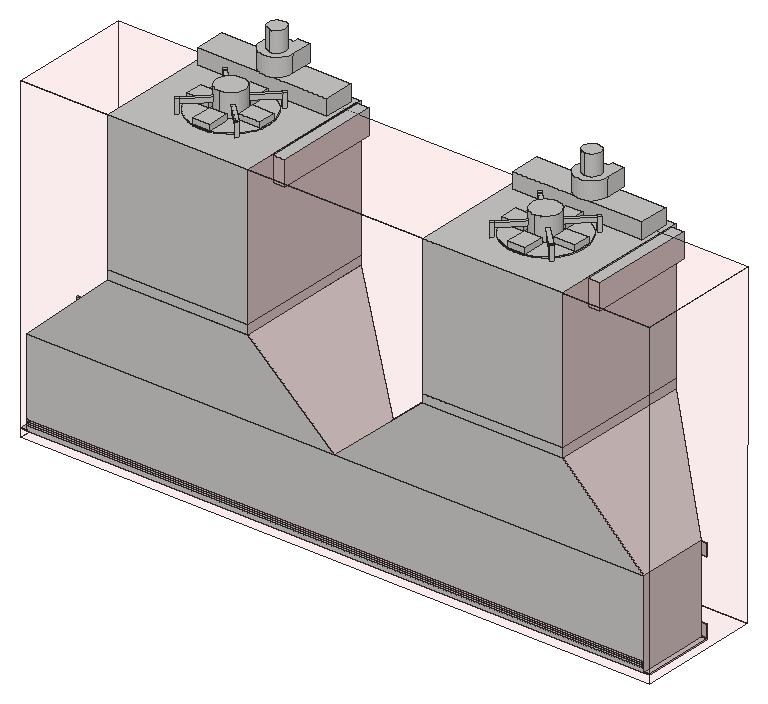
Revit family "Air-Curtain_Climate-Control_PoweredAire_TIG-2Heater", category Mechanical Equipment, host Face, Revit 2016
Family settings
  Host = Face
  Part Type = Normal
  Round Connector Dimension = Use Diameter
  OmniClass Number = 23.75.35.17.21
  OmniClass Title = Air Curtains
  Cut with Voids When Loaded = No
  Shared = No
  Room Calculation Point = No
Parameters (values of type "144'' Nozzle")
  upperrotation [instance] = 0.00°
  lowerrotation [instance] = 0.00°
  locateupperpipe [instance] = 0' - 0"
  locatelowerpipe [instance] = 0' - 0"
  Warranty Duration (Years) = 0
  Unit Width Notes = "Other Widths available."  # constant formula
  Unit Width = 12' - 3 7/32"
  Unit Weight = 1000
  Unit Height = 1' - 4 3/4"
  Unit Depth = 1' - 8 1/4"
  URL = "http://www.poweredaire.com/"
  Test Data = ""
  Standards Conformance = "ETL  ;  Made in USA"
  Specification = "http://www.arcat.com/sdspecs/htm04/23_34_33pai.htm"
  SpecWizard = ""
  Sound Pressure = ">63 dBA"
  Sales Information = "http://www.poweredaire.com/contact_us"
  Revision = "R1_2016-08"
  Projection from Host [instance] = 0' - 2"
  Product Properties = ""
  Product Data = "http://www.arcat.com/arcatcos/cos47/arc47623.html"
  Power Rating = 0 W
  Piping_Water Flow [instance] = 0 GPM
  Piping_Operating Pressure [instance] = 0.00 psi
  Piping_Exit Temperature [instance] = 0 °F
  Piping_Entry Temperature [instance] = 0 °F
  Pipe OD [instance] = 5/8"
  Overall Depth = 6' - 0 3/4"
  Nozzle Width = if(1 = 1, Unit Width - 0' 3", 0' 0")  # 12' - 0 7/32"
  Mounting Width = if(1 = 1, Unit Width - 0' 1 1/2", 0' 0")  # 12' - 1 23/32"
  Mounting Height [instance] = 3' - 6"
  Motor RPM = 1630
  Motor HP = 0.75
  Motor Count = 4
  Model = "TIG-4-144"
  Max Height = 12' - 0"
  Manufacturer Website = "http://www.poweredaire.com/"
  Manufacturer Phone - Toll Free = "888-321-2473"
  Manufacturer Phone = "724-588-3305"
  Manufacturer Fax = "724-588-3371"
  Manufacturer Address = "109 Mortensen Rd.  Greenville, PA 16125"
  Manufacturer = "Powered Aire, Inc"
  Maintenance Schedule (Months) = 0
  Keynote = "23 34 33"
  Installation-Fabrication = ""
  Installation Phase = ""
  Include Clearance [instance] = yes
  Heating Element Load = 0 W
  Heater Weight = 0
  Heater Hanging Width = 2' - 6 5/8"
  Heater Finish [instance] = Metal - Steel - PoweredAire - Stainless 304
  HVAC_Temperature Rise = 36 °F
  HVAC_Primary CFM = 0 CFM
  HVAC_Outlet Volume = 10200 CFM
  HVAC_Outlet Velocity Uniformity = 0.95
  HVAC_Outlet Velocity = 3700 FPM
  HVAC_Exit Temperature [instance] = 0 °F
  HVAC_BTU Output = 400000.0 Btu/h
  HVAC_BTU Input = 250000.0 Btu/h
  Green Building-LEED = "http://www.arcat.com/green/clients/leed_data_47623.html"
  Gas Connection Diameter [instance] = 0"
  Frame Finish [instance] = Metal - Steel - PoweredAire - Stainless 304
  Expected Lifespan (Years) = 0
  Exhaust Connection Diameter = 0' - 5"
  Electrical_Wattage [instance] = Power Rating + Heating Element Load  # 0 W
  Electrical_Voltage [instance] = 0 V
  Electrical_Phase [instance] = 1
  Electrical_Frequency [instance] = 0 Hz
  Electrical_Amperage [instance] = 0 A
  Drawn By = "Sumex Design, Inc. / Robert S. Weygant, CSI, CDT, SCIP"
  Description = "Powered Aire Indirect Gas Heated Climate Control Air Curtain - TIG-4-144 as Specified"
  Default Elevation = 0' - 0"  # constant formula
  Copyright = "©Arcat Inc."
  Construction Details = "http://www.arcat.com/details/powair/prod3336.html"
  Clearance_Top [instance] = 1' - 0"
  Clearance_Side B [instance] = 0' - 0"
  Clearance_Side A [instance] = 0' - 0"
  Clearance_Intake [instance] = 0' - 0"
  Clearance_Bottom [instance] = 0' - 0"
  Clearance Material [instance] = ARCAT Clearance
  Building Codes = ""
  Available Options [instance] = "as Specified"
  Assembly Code = "D3090400"
Types (3): name | Unit Width | Unit Weight | Nozzle Width | Mounting Width | Motor Count | Model | HVAC_Temperature Rise | HVAC_Outlet Volume | HVAC_Outlet Velocity Uniformity | HVAC_Outlet Velocity | HVAC_BTU Output | HVAC_BTU Input | Description
  144'' Nozzle | 12' - 3 7/32" | 1000 | 12' - 0 7/32" | 12' - 1 23/32" | 4 | "TIG-4-144" | 36 °F | 10200 CFM | 0.95 | 3700 FPM | 400000.0 Btu/h | 250000.0 Btu/h | "Powered Aire Indirect Gas Heated Climate Control Air Curtain - TIG-4-144 as Specified"
  132'' Nozzle | 11' - 3 5/32" | 830 | 11' - 0 5/32" | 11' - 1 21/32" | 3 | "TIG-3-132" | 39 °F | 7600 CFM | 0.94 | 2800 FPM | 320000.0 Btu/h | 200000.0 Btu/h | "Powered Aire Indirect Gas Heated Climate Control Air Curtain - TIG-3-132 as Specified"
  120'' Nozzle | 10' - 3 5/32" | 680 | 10' - 0 5/32" | 10' - 1 21/32" | 3 | "TIG-3-120" | 39 °F | 7600 CFM | 0.95 | 3200 FPM | 320000.0 Btu/h | 200000.0 Btu/h | "Powered Aire Indirect Gas Heated Climate Control Air Curtain - TIG-3-120 as Specified"
Reference planes (in)
  plane 1 "Center (Elevation)": y = 0.13818
  plane 2: z = 0
  plane 3 "Center (Left/Right)": x = 0
  plane 4 "Top": y = 8.51318
  plane 5: y = -8.23682
  plane 6: x = -73.60937
  plane 7: x = 73.60938
  plane 8 "Front": z = 22.25
  plane 9 "FF": y = -41.86182
  plane 10: z = 2
  plane 11: x = 72.10937
  plane 12: x = -72.10937
  plane 13: y = 20.51318
  plane 14: y = -8.23682
  plane 15: x = -73.60937
  plane 16: x = 73.60938
  plane 17: z = 74.75
  plane 18: x = 72.04688
  plane 19: x = -72.04687
  plane 20: x = 72.10937
  plane 21: x = 72.10937
  plane 22: y = 6.01318
  plane 23: y = -5.73682
  plane 24: z = 74.75
  plane 25: z = 42.25
  plane 26: z = 40.25
  plane 27: x = -52.11719
  plane 28: x = -21.49219
  plane 29: x = -53.17969
  plane 30: x = -20.42969
  plane 31: x = 21.49219
  plane 32: x = 52.11719
  plane 33: x = 20.42969
  plane 34: x = 53.17969
  plane 35: x = -36.80469
  plane 36: x = 36.80469
Forms (in)
  Extrusion 1, solid, material "Metal - Steel - PoweredAire - Stainless 304" <- "Frame Finish"
    sketch origin (0, 0, 0) x (0, 1, 0) y (0, 0, 1)
      loop
        line (-8.23682, 2) -> (8.51318, 2) -> (8.51318, 22.25) -> (-8.23682, 22.25) -> (-8.23682, 2)
    from -72.10937 to 72.10937
  Extrusion 2, solid, material "ARCAT Clearance" <- "Clearance Material", visible <- "Include Clearance"
    sketch origin (0, 0, 0) x (0, 1, 0) y (0, 0, 1)
      loop
        line (-8.23682, 74.75) -> (-8.23682, 0) -> (20.51318, 0) -> (20.51318, 74.75) -> (-8.23682, 74.75)
    from -73.60938 to 73.60937
  Extrusion 3, solid, material "Metal - Steel - PoweredAire - Stainless 304" <- "Frame Finish"
    sketch origin (-15.17702, -180, 2) x (-1, 0, 0) y (0, -1, 0)
      loop
        line (-87.2864, -188.51318) -> (-87.2864, -171.76318) -> (-88.7864, -171.76318) -> (-88.7864, -188.51318) -> (-87.2864, -188.51318)
      loop
        line (56.93235, -188.51318) -> (58.43235, -188.51318) -> (58.43235, -171.76318) -> (56.93235, -171.76318) -> (56.93235, -188.51318)
    from 0 to 0.125
  Extrusion 4, solid, material "Metal - Steel - PoweredAire - Stainless 304" <- "Frame Finish"
    sketch origin (-11.83813, 8.51318, 48) x (-1, 0, 0) y (0, 0, 1)
      loop
        line (-83.9475, -45.5) -> (-83.9475, -42.75) -> (-85.4475, -42.75) -> (-85.4475, -45.5) -> (-83.9475, -45.5)
      loop
        line (-83.9475, -28.5) -> (-83.9475, -25.75) -> (-85.4475, -25.75) -> (-85.4475, -28.5) -> (-83.9475, -28.5)
      loop
        line (60.27125, -45.5) -> (61.77125, -45.5) -> (61.77125, -42.75) -> (60.27125, -42.75) -> (60.27125, -45.5)
      loop
        line (60.27125, -28.5) -> (61.77125, -28.5) -> (61.77125, -25.75) -> (60.27125, -25.75) -> (60.27125, -28.5)
    from 0 to -0.125
  Extrusion 5, void
    sketch origin (0, 0, 0) x (0, 1, 0) y (0, 0, 1)
      loop
        line (-8.23682, 3) -> (-7.23682, 3) -> (-7.23682, 4.5) -> (-8.23682, 4.5) -> (-8.23682, 3.82425) -> (-7.38364, 3.82425) -> (-7.38364, 3.57425) -> (-8.23682, 3.57425) -> (-8.23682, 3)
    from -72.04687 to 72.04687
  Blend 6, solid, material "Metal - Steel - PoweredAire - Stainless 304" <- "Frame Finish"
    base sketch origin (-15.17702, -180, 22.25) x (-1, 0, 0) y (0, -1, 0)
      loop
        line (56.93235, -188.51318) -> (56.93235, -171.76318) -> (-15.17702, -171.76318) -> (-15.17702, -188.51318) -> (56.93235, -188.51318)
    top sketch origin (-15.17702, -180, 22.25) x (-1, 0, 0) y (0, -1, 0)
      loop
        line (38.00267, -171.76318) -> (5.25267, -171.76318) -> (5.25267, -204.76318) -> (38.00267, -204.76318) -> (38.00267, -171.76318)
    from 0 to 18
  Blend 7, solid, material "Metal - Steel - PoweredAire - Stainless 304" <- "Frame Finish"
    base sketch origin (15.17702, -180, 22.25) x (1, 0, 0) y (0, 1, 0)
      loop
        line (56.93235, 188.51318) -> (-15.17702, 188.51318) -> (-15.17702, 171.76318) -> (56.93235, 171.76318) -> (56.93235, 188.51318)
    top sketch origin (15.17702, -180, 22.25) x (1, 0, 0) y (0, 1, 0)
      loop
        line (38.00267, 171.76318) -> (38.00267, 204.76318) -> (5.25267, 204.76318) -> (5.25267, 171.76318) -> (38.00267, 171.76318)
    from 0 to 18
Cuts and joins
  Extrusion 5 cuts Extrusion 1
Dimensions and locks (in)
  equal spacing: plane 4 "Top", plane 1 "Center (Elevation)", plane 5
  "Unit Height": plane 4 "Top" to plane 5
  "Unit Width": plane 6 to plane 7
  "Mounting Height": plane 1 "Center (Elevation)" to plane 9 "FF"
  "Projection from Host": plane 10 to level
  "Unit Depth": plane 8 "Front" to plane 10
  locked: plane 6 to plane 12 at 1.5
  locked: plane 11 to plane 7 at 1.5
  "Clearance_Side A": plane 7 to plane 16
  "Clearance_Side B": plane 15 to plane 6
  "Clearance_Top": plane 13 to plane 4 "Top"
  "Clearance_Bottom": plane 5 to plane 14
  "Clearance_Intake": plane 17 to plane 24
  Extrusion 5 sketch curve to Extrusion 5 sketch curve to Extrusion 5 sketch curve to Extrusion 5 sketch curve to plane 10 = 0' - 0.67575" locked, 0' - 0 1/4" locked, 0' - 0.57425" locked, 0' - 1" locked
  plane 5 to Extrusion 5 sketch curve to Extrusion 5 sketch curve = 0' - 0.85319" locked, 0' - 0.14681" locked
  locked: plane 19 to plane 12 at 0.0625
  locked: plane 11 to plane 18 at 0.0625
  "locateupperpipe": plane 20 to plane 11
  "locatelowerpipe": plane 21 to plane 11
  locked: plane 4 "Top" to plane 22 at 2.5
  locked: plane 23 to plane 5 at 2.5
  "Overall Depth": plane 24 to plane 10
  locked: plane 25 to plane 26 at 2
  locked: plane 24 to plane 25 at 32.5
  locked: Blend 6 sketch curve to plane 5 at 33
  Extrusion 4 sketch curve to Extrusion 4 sketch curve to plane 10 = 0' - 2 3/4" locked, 0' - 0 1/2" locked  (x2)
  plane 8 "Front" to Extrusion 4 sketch curve to Extrusion 4 sketch curve = 0' - 0" locked, 0' - 2 3/4" locked  (x2)
  locked: plane 28 to plane 30 at 1.0625
  locked: plane 29 to plane 27 at 1.0625
  locked: plane 32 to plane 34 at 1.0625
  locked: plane 33 to plane 31 at 1.0625
  equal spacing: plane 6, plane 35, plane 3 "Center (Left/Right)", plane 36, plane 7
  equal spacing: plane 27, plane 35, plane 28
  "Heater Hanging Width": plane 27 to plane 28
  equal spacing: plane 31, plane 36, plane 32
  "Heater Hanging Width": plane 31 to plane 32
  locked: Blend 7 sketch curve to plane 5 at 33
  aligned and locked: plane 2 to host face
  aligned and locked: level to host face
  aligned and locked: Extrusion 2 sketch curve to plane 17
  aligned and locked: plane 14 to Extrusion 2 sketch curve
  aligned and locked: level to Extrusion 2 sketch curve
  aligned and locked: Extrusion 2 sketch curve to plane 13
  aligned and locked: plane 16 to Extrusion 2
  aligned and locked: Extrusion 2 to plane 15
  aligned and locked: plane 11 to Extrusion 1
  aligned and locked: Extrusion 1 to plane 12
  aligned and locked: Extrusion 1 sketch curve to plane 8 "Front"
  aligned and locked: plane 24 to nested 1
  aligned and locked: plane 5 to Blend 6 sketch curve
  aligned and locked: plane 12 to Blend 6 sketch curve
  aligned and locked: Blend 6 sketch curve to plane 4 "Top"
  aligned and locked: Blend 6 sketch curve to plane 5
  aligned and locked: plane 26 to Blend 6
  aligned and locked: plane 35 to nested 1
  aligned and locked: plane 36 to nested 2
  aligned and locked: plane 24 to nested 2
  aligned and locked: Blend 6 sketch curve to plane 3 "Center (Left/Right)"
  aligned and locked: Blend 6 sketch curve to plane 29
  aligned and locked: plane 30 to Blend 6 sketch curve
  aligned and locked: Blend 7 sketch curve to plane 5  (x2)
  aligned and locked: Blend 7 sketch curve to plane 3 "Center (Left/Right)"
  aligned and locked: plane 11 to Blend 7 sketch curve
  aligned and locked: Blend 7 sketch curve to plane 4 "Top"
  aligned and locked: plane 33 to Blend 7 sketch curve
  aligned and locked: Blend 7 sketch curve to plane 34
  aligned and locked: plane 18 to cut or joined group of Extrusion 1, Extrusion 5
  aligned and locked: cut or joined group of Extrusion 1, Extrusion 5 to plane 19
Automatic sketch dimensions
  host sketch curve to host sketch curve = 8' - 0"  (x2)
  Extrusion 1 sketch curve to plane 5 = 0' - 0"
  Extrusion 1 sketch curve to plane 4 "Top" = 0' - 0"
  Extrusion 1 sketch curve to plane 10 = 0' - 0"
  plane 4 "Top" to Extrusion 3 sketch curve = 0' - 0"
  Extrusion 3 sketch curve to plane 7 = 0' - 0"
  plane 5 to Extrusion 3 sketch curve = 0' - 0"
  Extrusion 3 sketch curve to plane 11 = 0' - 0"
  Extrusion 3 sketch curve to plane 4 "Top" = 0' - 0"
  Extrusion 3 sketch curve to plane 12 = 0' - 0"
  Extrusion 3 sketch curve to plane 6 = 0' - 0"
  Extrusion 3 sketch curve to plane 5 = 0' - 0"
  Extrusion 4 sketch curve to plane 7 = 0' - 0"  (x2)
  Extrusion 4 sketch curve to plane 11 = 0' - 0"  (x2)
  Extrusion 4 sketch curve to plane 12 = 0' - 0"  (x2)
  Extrusion 4 sketch curve to plane 6 = 0' - 0"  (x2)
  Extrusion 5 sketch curve to plane 5 = 0' - 0"  (x2)
Nested families (in)
  nested 1: "Heater" at (-36.80469, -8.23682, 42.2987) x (1, 0, 0) z (0, 1, 0), finish <- "Heater Finish", burner width <- "Heater Hanging Width", type "Heater"
    with finish Metal - Steel - PoweredAire - Stainless 304, burner width 2' - 6 5/8", Two Fan no, One Fan yes
  nested 2: "Heater" at (36.80469, -8.23682, 42.2987) x (1, 0, 0) z (0, 1, 0), finish <- "Heater Finish", burner width <- "Heater Hanging Width", type "Heater"
    with finish Metal - Steel - PoweredAire - Stainless 304, burner width 2' - 6 5/8", Two Fan no, One Fan yes
Connectors (in)
  electrical at (-72.10937, 0.13818, 12.125), driven by "Electrical_Voltage", driven by "Electrical_Phase"
    settings: on cut or joined group of Extrusion 1, Extrusion 5, index 3, voltage 0 V, apparent load 0 VA, apparent load phase1 0 VA, apparent load phase2 0 VA, apparent load phase3 0 VA, power factor 1, load classification "Motor", number of poles 1, system type 31, power factor state 1, is connector primary yes, connector utility no, sub classification motor no, connector description ""
  hvac at (-33.80469, 24.76318, 80.40625), driven by "Exhaust Connection Diameter", driven by "HVAC_Primary CFM"
    settings: on nested 1, index 4, duct flow 0 CFM, flow factor 0, pres drop 0.00 in-wg, loss coef 0, conn angle 0.00°, conn width 12", conn height 12", conn diameter 5", duct sys type 3, conn prof type 0, flow config 0, flow direction 2, loss method 0, conn ref index -1, conn util no, is conn primary yes, conn desc ""
  hvac at (39.80469, 24.76318, 80.40625), driven by "HVAC_Primary CFM", driven by "Exhaust Connection Diameter"
    settings: on nested 2, index 5, duct flow 0 CFM, flow factor 0, pres drop 0.00 in-wg, loss coef 0, conn angle 0.00°, conn width 12", conn height 12", conn diameter 5", duct sys type 3, conn prof type 0, flow config 0, flow direction 2, loss method 0, conn ref index -1, conn util no, is conn primary no, conn desc ""
Definition of nested family "Heater"
  Parameters
    finish [instance] = none
    burner width [instance] = 4' - 0 5/8"
    burner depth = 3' - 8 3/4"
    Two Fan [instance] = burner width > 4' 0"  # yes
    One Fan [instance] = burner width < 4' 0"  # no
    Default Elevation = 0' - 0"  # constant formula
  Reference planes (in)
    plane 1 "Center (Front/Back)": y = 0
    plane 2: z = 0
    plane 3 "Center (Left/Right)": x = 0
    plane 4: x = -25.375
    plane 5: x = 25.375
    plane 6: z = 33
    plane 7: y = -44.75
    plane 8: x = 3
    plane 9: x = 4.375
    plane 10: x = -12.6875
    plane 11: x = 12.6875
    plane 12: z = 15.5
    plane 13: x = -24.3125
    plane 14: x = 24.3125
  Forms (in)
    Extrusion 1, solid, material <- "finish"
      sketch origin (-74.94554, -3, 38.65968) x (0, 0, 1) y (1, 0, 0)
        loop
          line (-5.65968, 49.57054) -> (-5.65968, 100.32054) -> (-38.65968, 100.32054) -> (-38.65968, 49.57054) -> (-5.65968, 49.57054)
      from 3 to -29.4513
    Extrusion 2, solid, material <- "finish"
      sketch origin (0, 0, 0) x (0, 1, 0) y (0, 0, 1)
        loop
          line (2, 0) -> (2, 33) -> (0, 33) -> (0, 0) -> (2, 0)
      from -25.375 to 25.375
    Extrusion 3, solid, material <- "finish"
      sketch origin (-74.94554, -32.4513, 38.65968) x (0, 0, 1) y (1, 0, 0)
        loop
          line (-6.91591, 50.82971) -> (-6.91591, 99.10844) -> (-13.91591, 99.10844) -> (-13.91591, 50.82971) -> (-6.91591, 50.82971)
      from 0 to -3.625
    Extrusion 4, solid, material <- "finish"
      sketch origin (-74.94554, -36.0763, 38.65968) x (0, 0, 1) y (1, 0, 0)
        loop
          arc (-10.4052, 79.32054) -> (-12.67312, 72.60509) -> (-6.79809, 76.57054) r 3.74068
          line (-6.79809, 76.57054) -> (-5.65968, 76.57054) -> (-5.65968, 79.32054) -> (-10.4052, 79.32054)
      from 0 to -4.0625
    Extrusion 5, solid, material <- "finish"
      sketch origin (-73.58006, -40.1388, 35.52564) x (0, 0, -1) y (1, 0, 0)
        loop
          circle (7.27116, 74.21438) r 2
      from 4.6112 to 0
    Extrusion 6, solid, material <- "finish"
      sketch origin (0, 0, 0) x (1, 0, 0) y (0, 1, 0)
        loop
          line (28.3125, -32.4513) -> (28.3125, -26.7013) -> (25.3125, -26.7013) -> (25.3125, -32.4513) -> (28.3125, -32.4513)
      from 7.25 to 31.75
    Extrusion 7, solid, material <- "finish", visible <- "Two Fan"
      sketch origin (0, 0, 0) x (0, 1, 0) y (0, 0, 1)
        loop
          line (-32.4513, 6.22268) -> (-44.15658, 5.1986) -> (-44.15658, 4.4486) -> (-32.4513, 4.85736) -> (-32.4513, 6.22268)
      from -25.375 to 25.375
  Dimensions and locks (in)
    locked: Extrusion 4 sketch curve to Extrusion 4 sketch curve at 2.75
    "burner width": plane 13 to plane 14
    locked: plane 6 to level at 33
    "burner depth": plane 7 to plane 1 "Center (Front/Back)"
    locked: plane 8 to plane 9 at 1.375
    Extrusion 4 sketch curve to Extrusion 4 sketch curve to plane 8 = 0' - 0.99068" locked, 0' - 1 3/8" locked
    locked: Extrusion 5 sketch curve to plane 8 at 2.36568
    locked: plane 8 to plane 3 "Center (Left/Right)" at 3
    Extrusion 6 sketch curve to plane 5 to Extrusion 6 sketch curve = 0' - 0 1/16" locked, 0' - 2 15/16" locked
    equal spacing: plane 5, plane 11, plane 3 "Center (Left/Right)", plane 10, plane 4
    locked: plane 4 to plane 13 at 1.0625
    locked: plane 14 to plane 5 at 1.0625
    aligned and locked: plane 2 to level
    aligned: Extrusion 4 to Extrusion 5
    aligned: Extrusion 3 to Extrusion 2  (x2)
    aligned and locked: plane 7 to Extrusion 5
    aligned and locked: plane 4 to Extrusion 1 sketch curve
    aligned and locked: Extrusion 1 sketch curve to plane 5
    aligned and locked: Extrusion 7 to plane 4
    aligned and locked: plane 5 to Extrusion 7
    aligned and locked: plane 12 to nested 1
    aligned and locked: plane 3 "Center (Left/Right)" to nested 1
    aligned and locked: plane 12 to nested 3
    aligned and locked: plane 11 to nested 3
    aligned and locked: plane 10 to nested 2
    aligned and locked: plane 12 to nested 2
    aligned and locked: plane 5 to Extrusion 2
    aligned and locked: Extrusion 2 to plane 4
  Automatic sketch dimensions
    Extrusion 1 to Extrusion 3 sketch curve = 0' - 1.25917"
    Extrusion 1 to Extrusion 3 sketch curve = 0' - 8.25624"
    Extrusion 1 to Extrusion 3 sketch curve = 0' - 1.2121"
    Extrusion 1 to Extrusion 3 sketch curve = 0' - 1.25624"
    Extrusion 4 sketch curve to Extrusion 3 = 0' - 0.11782"
    Extrusion 4 sketch curve to Extrusion 3 = 0' - 1.25624"
    Extrusion 5 sketch curve to Extrusion 4 = 0' - 4.74552"
    Extrusion 1 sketch curve to level = 0' - 0"
    Extrusion 1 sketch curve to plane 6 = 0' - 0"
    Extrusion 2 sketch curve to level = 0' - 0"
    Extrusion 2 sketch curve to plane 1 "Center (Front/Back)" = 0' - 0"
    Extrusion 2 sketch curve to plane 6 = 0' - 0"
    Extrusion 2 sketch curve to Extrusion 2 sketch curve = 0' - 2"
    Extrusion 6 sketch curve to plane 7 = 1' - 0.2987"
    Extrusion 6 sketch curve to Extrusion 6 sketch curve = 0' - 5 3/4"
    Extrusion 7 sketch curve to plane 7 = 0' - 0.59342"
    level to Extrusion 7 sketch curve = 0' - 4.4486"
    Extrusion 7 sketch curve to Extrusion 7 sketch curve = 0' - 0 3/4"
    level to Extrusion 7 sketch curve = 0' - 4.85736"
    Extrusion 7 sketch curve to Extrusion 7 sketch curve = 0' - 11.70529"
    Extrusion 7 sketch curve to Extrusion 7 sketch curve = 0' - 1.36532"
    radius of Extrusion 5 sketch curve = 0' - 2"
  Nested families (in)
    nested 1: "FanControls" at (0, -32.4513, 15.5) x (1, 0, 0) z (0, -1, 0), finish <- "finish", visible <- "One Fan", type "FanControls"
      with finish none
    nested 2: "FanControls" at (-12.6875, -32.4513, 15.5) x (1, 0, 0) z (0, -1, 0), finish <- "finish", visible <- "Two Fan", type "FanControls"
      with finish none
    nested 3: "FanControls" at (12.6875, -32.4513, 15.5) x (1, 0, 0) z (0, -1, 0), finish <- "finish", visible <- "Two Fan", type "FanControls"
      with finish none
  Definition of nested family "FanControls"
    Parameters
      finish [instance] = none
      Default Elevation = 4' - 0"
    Reference planes (in)
      plane 1 "Center (Front/Back)": y = 0
      plane 2: z = 0
      plane 3 "Center (Left/Right)": x = 0
    Forms (in)
      Extrusion 1, solid, material <- "finish"
        sketch origin (-75.00804, 32.07233, 0) x (1, 0, 0) y (0, -1, 0)
          loop
            circle (75.00804, 32.07233) r 3.25
        from -5.33075 to 0
      Extrusion 2, solid, material <- "finish"
        sketch origin (24.44581, -78.06044, 0) x (1, 0, 0) y (0, -1, 0)
          loop
            line (-22.50831, -86.58776) -> (-22.50831, -81.58776) -> (-26.50831, -81.58776) -> (-26.50831, -86.58776) -> (-22.50831, -86.58776)
          loop
            line (-22.50831, -69.53312) -> (-26.50831, -69.53312) -> (-26.50831, -74.53312) -> (-22.50831, -74.53312) -> (-22.50831, -69.53312)
          loop
            line (-15.98099, -76.06044) -> (-20.98099, -76.06044) -> (-20.98099, -80.06044) -> (-15.98099, -80.06044) -> (-15.98099, -76.06044)
          loop
            line (-33.03563, -76.06044) -> (-33.03563, -80.06044) -> (-28.03563, -80.06044) -> (-28.03563, -76.06044) -> (-33.03563, -76.06044)
        from 0 to -1.37288
      Extrusion 3, solid, material <- "finish"
        sketch origin (-75.00804, 21.40968, 0) x (1, 0, 0) y (0, -1, 0)
          loop
            line (68.02536, 14.95733) -> (68.55569, 14.427) -> (75.00804, 20.87935) -> (81.46039, 14.427) -> (81.99072, 14.95733) -> (75.53837, 21.40968) -> (81.99072, 27.86203) -> (81.46039, 28.39236) -> (75.00804, 21.94001) -> (68.55569, 28.39236) -> (68.02536, 27.86203) -> (74.47771, 21.40968) -> (68.02536, 14.95733)
        from -3.1123 to -2
      Extrusion 4, solid, material <- "finish"
        sketch origin (-75.00804, 21.40968, 0) x (1, 0, 0) y (0, -1, 0)
          loop
            line (68.02536, 13.89667) -> (68.55569, 14.427) -> (68.02536, 14.95733) -> (67.49503, 14.427) -> (68.02536, 13.89667)
          loop
            line (82.52105, 14.427) -> (81.99072, 14.95733) -> (81.46039, 14.427) -> (81.99072, 13.89667) -> (82.52105, 14.427)
          loop
            line (81.99072, 28.92269) -> (81.46039, 28.39236) -> (81.99072, 27.86203) -> (82.52105, 28.39236) -> (81.99072, 28.92269)
          loop
            line (67.49503, 28.39236) -> (68.02536, 27.86203) -> (68.55569, 28.39236) -> (68.02536, 28.92269) -> (67.49503, 28.39236)
        from 0 to -3.1123
      Extrusion 5, solid, material <- "finish"
        sketch origin (0, 0, 0) x (1, 0, 0) y (0, 1, 0)
          loop
            circle (0, 0) r 9
        from 0 to 0.14961
    Dimensions and locks (in)
      Extrusion 4 sketch curve to Extrusion 4 sketch curve to Extrusion 4 sketch curve to Extrusion 4 sketch curve = 0' - 0.53033" locked, 0' - 0" locked, 0' - 0.53033" locked  (x4)
      Extrusion 3 sketch curve to Extrusion 3 sketch curve to Extrusion 3 sketch curve to Extrusion 3 sketch curve to Extrusion 3 sketch curve = 0' - 5.92202" locked, 0' - 0" locked, 0' - 0.53033" locked, 0' - 0" locked
      Extrusion 3 sketch curve to Extrusion 3 sketch curve to Extrusion 3 sketch curve to Extrusion 3 sketch curve to Extrusion 3 sketch curve = 0' - 0" locked, 0' - 0.53033" locked, 0' - 0" locked, 0' - 5.92202" locked
      locked: Extrusion 2 sketch curve to Extrusion 2 sketch curve at 5  (x2)
      aligned and locked: plane 2 to level
